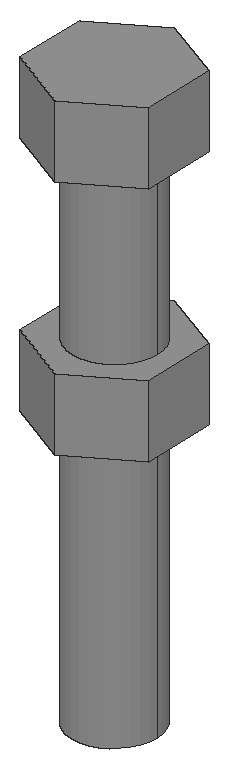
Revit family "050523 - W_P_C - Fastenings - Lag Bolt or Thru Bolt", category Generic Models, Revit 2019
Family settings
  Can host rebar = No
  Round Connector Dimension = Use Diameter
  Part Type = Normal
  Work Plane-Based = Yes
  Always vertical = No
  Cut with Voids When Loaded = No
  Shared = No
  Room Calculation Point = No
Parameters (values of type "1/2" x 3"")
  Thickness_of_Substrate [instance] = 0' - 1"
  Side = Head Size * 0.57812  # 0' - 0 111/256"
  Radius = Diameter / 2  # 0' - 0 1/4"
  Nut_Visibility [instance] = yes
  Length = 0' - 3"
  Head Size = 0' - 0 3/4"
  Head Radius = Head Size / 2  # 0' - 0 3/8"
  Head Height = 0' - 0 27/64"
  Diameter = 0' - 0 1/2"
  Default Elevation = 4' - 0"
  Bolt Material (Size) [instance] = STRUCTURAL BOLTS (PAINT TO MATCH STEEL FINISH)
Types (23): name | Side | Radius | Length | Head Size | Head Radius | Head Height | Diameter | Bolt Material (Size)
  1/2" x 3" | 0' - 0 111/256" | 0' - 0 1/4" | 0' - 3" | 0' - 0 3/4" | 0' - 0 3/8" | 0' - 0 27/64" | 0' - 0 1/2" | STRUCTURAL BOLTS (PAINT TO MATCH STEEL FINISH)
  1/4" x 3" | 0' - 0.25293" | 0' - 0 1/8" | 0' - 3" | 0' - 0 7/16" | 0' - 0 7/32" | 0' - 0 11/64" | 0' - 0 1/4" | STRUCTURAL BOLTS (PAINT TO MATCH STEEL FINISH)
  5/16" x 3" | 0' - 0 37/128" | 0' - 0 5/32" | 0' - 3" | 0' - 0 1/2" | 0' - 0 1/4" | 0' - 0 7/32" | 0' - 0 5/16" | STRUCTURAL BOLTS (PAINT TO MATCH STEEL FINISH)
  3/8" x 3" | 0' - 0.3252" | 0' - 0 3/16" | 0' - 3" | 0' - 0 9/16" | 0' - 0 9/32" | 0' - 0 1/4" | 0' - 0 3/8" | STRUCTURAL BOLTS (PAINT TO MATCH STEEL FINISH)
  7/16" x 3" | 0' - 0.36133" | 0' - 0 7/32" | 0' - 3" | 0' - 0 5/8" | 0' - 0 5/16" | 0' - 0 19/64" | 0' - 0 7/16" | STRUCTURAL BOLTS (PAINT TO MATCH STEEL FINISH)
  5/8" x 3" | 0' - 0.54199" | 0' - 0 5/16" | 0' - 3" | 0' - 0 15/16" | 0' - 0 15/32" | 0' - 0 27/64" | 0' - 0 5/8" | STRUCTURAL BOLTS (PAINT TO MATCH STEEL FINISH)
  1/2" x 2 1/2" | 0' - 0 111/256" | 0' - 0 1/4" | 0' - 2 1/2" | 0' - 0 3/4" | 0' - 0 3/8" | 0' - 0 11/32" | 0' - 0 1/2" | STRUCTURAL BOLTS (PAINT TO MATCH STEEL FINISH)
  3/4" x 2" | 0' - 0.65039" | 0' - 0 3/8" | 0' - 2" | 0' - 1 1/8" | 0' - 0 9/16" | 0' - 0 1/2" | 0' - 0 3/4" | STRUCTURAL BOLTS (PAINT TO MATCH STEEL FINISH)
  3/8" x 1" | 0' - 0.3252" | 0' - 0 3/16" | 0' - 1" | 0' - 0 9/16" | 0' - 0 9/32" | 0' - 0 1/4" | 0' - 0 3/8" | STRUCTURAL BOLTS (PAINT TO MATCH STEEL FINISH)
  1/2" x 4" | 0' - 0 111/256" | 0' - 0 1/4" | 0' - 4" | 0' - 0 3/4" | 0' - 0 3/8" | 0' - 0 1/2" | 0' - 0 1/2" | 1" GALV. LAG BOLT (LENGTH = 1/2" SHY OF GLULAM DEPTH) -  (GALV. THRU BOLT IF PLATE ON OPP. SIDE OF STRUCT MEMBER)
  1/2" x 2" | 0' - 0 111/256" | 0' - 0 1/4" | 0' - 2" | 0' - 0 3/4" | 0' - 0 3/8" | 0' - 0 1/2" | 0' - 0 1/2" | 1" GALV. LAG BOLT (LENGTH = 1/2" SHY OF GLULAM DEPTH) -  (GALV. THRU BOLT IF PLATE ON OPP. SIDE OF STRUCT MEMBER)
  ONE | 0' - 0 111/128" | 0' - 0 1/2" | 0' - 3" | 0' - 1 1/2" | 0' - 0 3/4" | 0' - 0 151/256" | 0' - 1" | 1" GALV. LAG BOLT (LENGTH = 1/2" SHY OF GLULAM DEPTH) -  (GALV. THRU BOLT IF PLATE ON OPP. SIDE OF STRUCT MEMBER)
  3/4" x 4" | 0' - 0.65039" | 0' - 0 3/8" | 0' - 3" | 0' - 1 1/8" | 0' - 0 9/16" | 0' - 0 1/2" | 0' - 0 3/4" | 3/4" LAG BOLT (THRU BOLT IF PLATE ON OPP. SIDE OF STRUCT MEMBER)
  #10 | 0' - 0.1626" | 0' - 0.09961" | 0' - 4" | 0' - 0 9/32" | 0' - 0 9/64" | 0' - 0 1/8" | 0' - 0 51/256" | 5/8" GALV. ANCHOR BOLT @ 24" O.C. (6" MIN. EMBEDMENT)
  1/4" | 0' - 0.25293" | 0' - 0 1/8" | 0' - 4" | 0' - 0 7/16" | 0' - 0 7/32" | 0' - 0 11/64" | 0' - 0 1/4" | 5/8" GALV. ANCHOR BOLT @ 24" O.C. (6" MIN. EMBEDMENT)
  1" | 0' - 0 111/128" | 0' - 0 1/2" | 0' - 4" | 0' - 1 1/2" | 0' - 0 3/4" | 0' - 0 43/64" | 0' - 1" | 5/8" GALV. ANCHOR BOLT @ 24" O.C. (6" MIN. EMBEDMENT)
  7/8" | 0' - 0.75879" | 0' - 0 7/16" | 0' - 4" | 0' - 1 5/16" | 0' - 0 21/32" | 0' - 0 37/64" | 0' - 0 7/8" | 5/8" GALV. ANCHOR BOLT @ 24" O.C. (6" MIN. EMBEDMENT)
  5/8" | 0' - 0.54199" | 0' - 0 5/16" | 0' - 10 1/2" | 0' - 0 15/16" | 0' - 0 15/32" | 0' - 0 27/64" | 0' - 0 5/8" | 5/8" GALV. ANCHOR BOLT @ 24" O.C. (6" MIN. EMBEDMENT)
  1/2" | 0' - 0 111/256" | 0' - 0 1/4" | 0' - 4" | 0' - 0 3/4" | 0' - 0 3/8" | 0' - 0 1/2" | 0' - 0 1/2" | 1/2" X 5" LAG BOLT (THRU BOLT IF PLATE ON OPP. SIDE OF STRUCT MEMBER)
  3/4" | 0' - 0.65039" | 0' - 0 3/8" | 0' - 7" | 0' - 1 1/8" | 0' - 0 9/16" | 0' - 0 1/2" | 0' - 0 3/4" | 5/8" GALV. ANCHOR BOLT @ 24" O.C. (6" MIN. EMBEDMENT)
  3/8" | 0' - 0.3252" | 0' - 0 3/16" | 0' - 4" | 0' - 0 9/16" | 0' - 0 9/32" | 0' - 0 1/4" | 0' - 0 3/8" | 3/8" X GALV LAG BOLT (HOLE 15/32")
  5/8" x 6" | 0' - 0.54199" | 0' - 0 5/16" | 0' - 6" | 0' - 0 15/16" | 0' - 0 15/32" | 0' - 0 27/64" | 0' - 0 5/8" | 5/8" GALV. ANCHOR BOLT @ 24" O.C. (6" MIN. EMBEDMENT)
  5/8" x 7" | 0' - 0.54199" | 0' - 0 5/16" | 0' - 7" | 0' - 0 15/16" | 0' - 0 15/32" | 0' - 0 27/64" | 0' - 0 5/8" | 5/8" GALV. ANCHOR BOLT @ 24" O.C. (6" MIN. EMBEDMENT)
Reference planes (in)
  plane 1 "Center (Front/Back)": y = 0
  plane 2: z = 0
  plane 3 "Center (Left/Right)": x = 0
  plane 4: z = 0.42187
  plane 5: z = -3
  plane 6: y = 0
  plane 7: x = 0
  plane 8: z = -1
Forms (in)
  Extrusion 1, solid, material "STRUCTURAL BOLTS (PAINT TO MATCH STEEL FINISH)" <- "Bolt Material (Size)"
    sketch origin (0, 0, 0) x (1, 0, 0) y (0, 1, 0)
      loop
        circle (0, 0) r 0.25
    from -3 to 0
Lines and regions (in)
  model lines, style "InvisibleLines"
    curve 1: line (0, -0.64952, 0.42188) -> (0, 0.64952, 0.42188)
    curve 2: line (0.375, 0, 0.42188) -> (-0.375, 0, 0.42188)
  symbolic lines, style "InvisibleLines"
    curve 3: line (0, 0, 0.42187) -> (0, 0, -3)
    curve 4: line (0, 0, 0.42187) -> (0, 0, -3)
Dimensions and locks (in)
  "Head Height": plane 4 to level
  "Length": level to plane 5
  "Thickness_of_Substrate": plane 2 to plane 8
  "Radius": radius of Extrusion 1 sketch curve
  aligned and locked: level to plane 2
  aligned and locked: Extrusion 1 to plane 5
  aligned and locked: plane 7 to curve 1
  aligned and locked: plane 6 to curve 2
  aligned and locked: plane 6 to curve 4
Automatic sketch dimensions
  curve 3 to plane 3 "Center (Left/Right)" = 0' - 0"
  curve 3 to plane 5 = 0' - 0"
  curve 3 to plane 4 = 0' - 0"
  curve 4 to plane 5 = 0' - 0"
  curve 4 to plane 4 = 0' - 0"
  curve 1 to curve 2 = 0' - 0.64952"
  curve 2 to curve 1 = 0' - 0.64952"
  curve 2 to nested 1 = 0' - 0"  (x2)
  plane 1 "Center (Front/Back)" to Extrusion 1 sketch curve = 0' - 0"
  Extrusion 1 sketch curve to plane 3 "Center (Left/Right)" = 0' - 0"
Nested families (in)
  nested 1: "Nut" at (0, 0, 0), Diameter <- "Diameter", Head Height <- "Head Height", Head Size <- "Head Size", Bolt Material (Size) <- "Bolt Material (Size)", type "one"
    with Side 0' - 0 111/256", Radius 0' - 0 1/4", Head Size 0' - 0 3/4", Head Radius 0' - 0 3/8", Head Height 0' - 0 27/64", Diameter 0' - 0 1/2", Bolt Material (Size) STRUCTURAL BOLTS (PAINT TO MATCH STEEL FINISH)
  nested 2: "Nut" at (0, 0, -1) x (1, 0, 0) z (0, 0, -1), Diameter <- "Diameter", Head Height <- "Head Height", Head Size <- "Head Size", visible <- "Nut_Visibility", type "one"
    with Side 0' - 0 111/256", Radius 0' - 0 1/4", Head Size 0' - 0 3/4", Head Radius 0' - 0 3/8", Head Height 0' - 0 27/64", Diameter 0' - 0 1/2", Bolt Material (Size) STRUCTURAL BOLTS (PAINT TO MATCH STEEL FINISH)
Definition of nested family "Nut"
  Parameters (values of type "one")
    Side [instance] = Head Size * 0.57812  # 0' - 0 111/256"
    Radius [instance] = Diameter / 2  # 0' - 0 1/4"
    Head Size [instance] = 0' - 0 3/4"
    Head Radius [instance] = Head Size / 2  # 0' - 0 3/8"
    Head Height [instance] = 0' - 0 11/32"
    Diameter [instance] = 0' - 0 1/2"
    Default Elevation = 4' - 0"
    Bolt Material (Size) [instance] = none
  Reference planes (in)
    plane 1 "Center (Front/Back)": y = 0
    plane 2: z = 0
    plane 3 "Center (Left/Right)": x = 0
    plane 4: z = 0.34375
    plane 5: y = 0
    plane 6: x = 0
  Forms (in)
    Extrusion 1, solid, material <- "Bolt Material (Size)"
      sketch origin (0, 0, 0) x (1, 0, 0) y (0, 1, 0)
        loop
          line (0, 0.43301) -> (-0.375, 0.21651) -> (-0.375, -0.21651) -> (0, -0.43301) -> (0.375, -0.21651) -> (0.375, 0.21651) -> (0, 0.43301)
      from 0 to 0.34375
  Lines and regions (in)
    symbolic lines
      curve 1: line (0, 0, 0.34375) -> (0, 0, -3)
  Dimensions and locks (in)
    "Head Height": plane 4 to level
    "Head Radius": Extrusion 1 sketch curve to plane 3 "Center (Left/Right)"
    "Head Radius": Extrusion 1 sketch curve to plane 6
    "Head Radius": Extrusion 1 sketch curve to plane 5  (x2)
    locked: Extrusion 1 sketch curve to Extrusion 1 sketch curve (angle 120.00°)  (x5)
    aligned and locked: level to plane 2
    aligned and locked: Extrusion 1 to plane 4
    aligned and locked: plane 5 to curve 1
  Automatic sketch dimensions
    curve 1 to plane 4 = 0' - 0"
    curve 1 to level = 0' - 3"
    Extrusion 1 sketch curve to plane 3 "Center (Left/Right)" = 0' - 0"  (x2)
